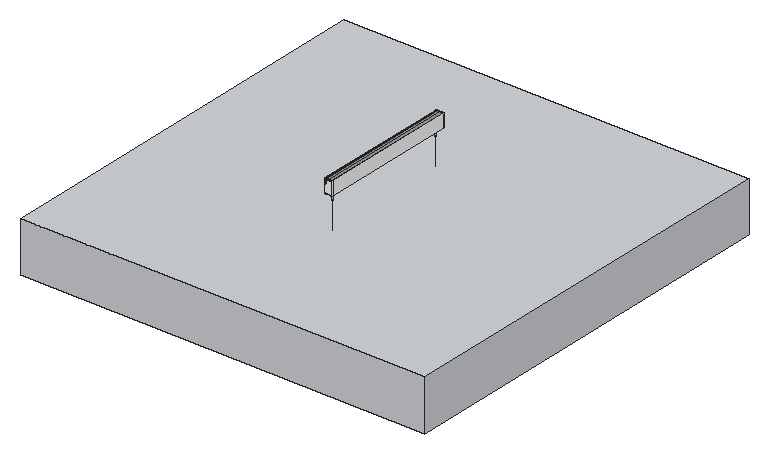
Revit family "LAMP_FIL 45 840MM OPAL SUSPENDED", category Luminarias, Revit 2018
Family settings
  Anfitrión = Cara
  Cota de conector redondo = Diámetro de uso
  Tipo de pieza = Normal
  Corte con vacíos al cargar = No
  Origen de luz = Sí
  Compartido = No
  Punto de cálculo de habitación = No
Parameters (values of type "1950LM 3000K  BLACK")
  Ángulo de inclinación = -90.00°
  Weight = 1.85 kg
  Wattage = 13.3 W
  Type = "MID POWER TRIDONIC"
  built-in parameter 1150107 = 3000 (stored number, unit not read)
  NOT COVER 2 [instance] = not(END COVER 2)  # no
  NOT COVER 1 [instance] = not(END COVER 1)  # no
  END COVER 2 [instance] = yes
  END COVER 1 [instance] = yes
  Suspension distance [instance] = if(Suspension > 4000 mm, 4000 mm, if(Suspension < 1 mm, 1 mm, Suspension))  # 200 mm
  Suspension [instance] = 200 mm
  built-in parameter 1150110 = 1 (stored number, unit not read)
  built-in parameter 1150109 = 1 (stored number, unit not read)
  built-in parameter 1150112 = 1 (stored number, unit not read)
  built-in parameter 1150113 = 1 (stored number, unit not read)
  built-in parameter 1114218 = 1 (stored number, unit not read)
  Protection rating = "IP20 / IK07"
  Product datasheet = "http://www.lamp.es/product-files/TECH/F41SF084MOOP830NB-EN.pdf"
  Product code = "F41SF084MOOP830NB"
  Product URL = "https://www.lamp.es/en/family/fil-45_413951"
  Power Supply = "220-240V 50/60Hz"
  Power = 12 W
  Plum = 13.3 W
  Photobiological risk = ""
  built-in parameter 1150137 = (empty or 0)
  built-in parameter 1150132 = 2
  Modelo = Product code  # "F41SF084MOOP830NB"
  Model Explanation = ""
  Material suspension = LAMP_Acero genérico
  Material perfil = LAMP_Aluminio Perfil Fil NG
  Material difusor = LAMP_PC Difusor Opal Fil
  Manufacturer name = "LAMP"
  Manufacturer country = "Spain"
  Manufacturer URL = "http://www.lamp.es/en"
  MacAdam = "3"
  Longitud de línea de emisión = 840 mm
  Last update = "15/03/2021"
  Lamp = "MID-POWER LED"
  LED Lifetime = "70.000 L80 B10"
  built-in parameter 1150105 = 491.36 (stored number, unit not read)
  built-in parameter 1150102 = (empty or 0)
  Insulation class = "I"
  Installation instructions = "https://www.lamp.es/product-files/INS/1004580-C%20INSTR.%20FIL45.pdf"
  built-in parameter 1150106 = 4.9136 (stored number, unit not read)
  IEE = "A+"
  Gear = "Electronic"
  Lumens = 1291.7 lm
  Finish = "Matte black RAL 9011"
  Color Filter = 16777215
  built-in parameter 1114217 = 1 (stored number, unit not read)
  built-in parameter 1150139 = (empty or 0)
  Fabricante = Manufacturer name  # "LAMP"
  Default Elevation = 1219.2 mm
  built-in parameter 1150104 = 9.0227 (stored number, unit not read)
  Efficacy = 97.12 lm/W
  Dimensions = "840x45x80"
  Descripción = "FIL45 SUR 840 1950 WW OPAL BK."
  built-in parameter 1150115 = 1 (stored number, unit not read)
  built-in parameter 1150114 = 1 (stored number, unit not read)
  built-in parameter 1150138 = (empty or 0)
  built-in parameter 1150134 = 3
  Dimming Lamp Color Temperature Shift = (empty or 0)
  CRI = "80"
  Archivo de red fotométrica = "F41SF084MOOP830NB.IES"
  built-in parameter 1150133 = 10 (stored number, unit not read)
Types (24, lengths in mm): name | Weight | Wattage | built-in parameter 1150107 | Product datasheet | Product code | Power | Plum | Modelo | Material perfil | LED Lifetime | built-in parameter 1150105 | built-in parameter 1150106 | Lumens | Finish | built-in parameter 1150104 | Efficacy | Descripción | Archivo de red fotométrica
  1950LM 3000K DALI BLACK | 1.982 kg | 13.3 W | 3000 (stored number, unit not read) | "http://www.lamp.es/product-files/TECH/F41SF084MOOP830DB-EN.pdf" | "F41SF084MOOP830DB" | 12 W | 13.3 W | "F41SF084MOOP830DB" | LAMP_Aluminio Perfil Fil NG | "70.000 L80 B10" | 491.36 (stored number, unit not read) | 4.9136 (stored number, unit not read) | 1291.7 lm | "Matte black RAL 9011" | 9.0227 (stored number, unit not read) | 97.12 lm/W | "FIL45 SUR 840 1950 WW OPAL DALI BK." | "F41SF084MOOP830nB.IES"
  1950LM 3000K DALI GREY | 1.982 kg | 13.3 W | 3000 (stored number, unit not read) | "http://www.lamp.es/product-files/TECH/F41SF084MOOP830DG-EN.pdf" | "F41SF084MOOP830DG" | 12 W | 13.3 W | "F41SF084MOOP830DG" | LAMP_Aluminio Perfil Fil GR | "70.000 L80 B10" | 491.36 (stored number, unit not read) | 4.9136 (stored number, unit not read) | 1291.7 lm | "Gloss grey" | 9.0227 (stored number, unit not read) | 97.12 lm/W | "FIL45 SUR 840 1950 WW OPAL DALI GR." | "F41SF084MOOP830nG.IES"
  1950LM 3000K DALI WHITE | 1.982 kg | 13.3 W | 3000 (stored number, unit not read) | "http://www.lamp.es/product-files/TECH/F41SF084MOOP830DW-EN.pdf" | "F41SF084MOOP830DW" | 12 W | 13.3 W | "F41SF084MOOP830DW" | LAMP_Aluminio Perfil Fil BL | "70.000 L80 B10" | 491.36 (stored number, unit not read) | 4.9136 (stored number, unit not read) | 1291.7 lm | "Matte white RAL 9010" | 9.0227 (stored number, unit not read) | 97.12 lm/W | "FIL45 SUR 840 1950 WW OPAL DALI WH." | "F41SF084MOOP830nW.IES"
  1950LM 3000K  BLACK | 1.85 kg | 13.3 W | 3000 (stored number, unit not read) | "http://www.lamp.es/product-files/TECH/F41SF084MOOP830NB-EN.pdf" | "F41SF084MOOP830NB" | 12 W | 13.3 W | "F41SF084MOOP830NB" | LAMP_Aluminio Perfil Fil NG | "70.000 L80 B10" | 491.36 (stored number, unit not read) | 4.9136 (stored number, unit not read) | 1291.7 lm | "Matte black RAL 9011" | 9.0227 (stored number, unit not read) | 97.12 lm/W | "FIL45 SUR 840 1950 WW OPAL BK." | "F41SF084MOOP830NB.IES"
  1950LM 3000K  GREY | 1.85 kg | 13.3 W | 3000 (stored number, unit not read) | "http://www.lamp.es/product-files/TECH/F41SF084MOOP830NG-EN.pdf" | "F41SF084MOOP830NG" | 12 W | 13.3 W | "F41SF084MOOP830NG" | LAMP_Aluminio Perfil Fil GR | "70.000 L80 B10" | 491.76 (stored number, unit not read) | 4.9176 (stored number, unit not read) | 1292.76 lm | "Gloss grey" | 9.0302 (stored number, unit not read) | 97.12 lm/W | "FIL45 SUR 840 1950 WW OPAL GR." | "F41SF084MOOP830NG.IES"
  1950LM 3000K  WHITE | 1.85 kg | 13.3 W | 3000 (stored number, unit not read) | "http://www.lamp.es/product-files/TECH/F41SF084MOOP830NW-EN.pdf" | "F41SF084MOOP830NW" | 12 W | 13.3 W | "F41SF084MOOP830NW" | LAMP_Aluminio Perfil Fil BL | "70.000 L80 B10" | 491.36 (stored number, unit not read) | 4.9136 (stored number, unit not read) | 1291.7 lm | "Matte white RAL 9010" | 9.0227 (stored number, unit not read) | 97.12 lm/W | "FIL45 SUR 840 1950 WW OPAL WH." | "F41SF084MOOP830NW.IES"
  1950LM 4000K DALI BLACK | 1.982 kg | 13.3 W | 4000 (stored number, unit not read) | "http://www.lamp.es/product-files/TECH/F41SF084MOOP840DB-EN.pdf" | "F41SF084MOOP840DB" | 12 W | 13.3 W | "F41SF084MOOP840DB" | LAMP_Aluminio Perfil Fil NG | "70.000 L80 B10" | 515.09 (stored number, unit not read) | 5.1509 (stored number, unit not read) | 1354.07 lm | "Matte black RAL 9011" | 9.4585 (stored number, unit not read) | 101.81 lm/W | "FIL45 SUR 840 1950 NW OPAL DALI BK." | "F41SF084MOOP840nB.IES"
  1950LM 4000K DALI GREY | 1.982 kg | 13.3 W | 4000 (stored number, unit not read) | "http://www.lamp.es/product-files/TECH/F41SF084MOOP840DG-EN.pdf" | "F41SF084MOOP840DG" | 12 W | 13.3 W | "F41SF084MOOP840DG" | LAMP_Aluminio Perfil Fil GR | "70.000 L80 B10" | 515.09 (stored number, unit not read) | 5.1509 (stored number, unit not read) | 1354.07 lm | "Gloss grey" | 9.4585 (stored number, unit not read) | 101.81 lm/W | "FIL45 SUR 840 1950 NW OPAL DALI GR." | "F41SF084MOOP840nG.IES"
  1950LM 4000K DALI WHITE | 1.982 kg | 13.3 W | 4000 (stored number, unit not read) | "http://www.lamp.es/product-files/TECH/F41SF084MOOP840DW-EN.pdf" | "F41SF084MOOP840DW" | 12 W | 13.3 W | "F41SF084MOOP840DW" | LAMP_Aluminio Perfil Fil BL | "70.000 L80 B10" | 515.09 (stored number, unit not read) | 5.1509 (stored number, unit not read) | 1354.07 lm | "Matte white RAL 9010" | 9.4585 (stored number, unit not read) | 101.81 lm/W | "FIL45 SUR 840 1950 NW OPAL DALI WH." | "F41SF084MOOP840nW.IES"
  1950LM 4000K  BLACK | 1.85 kg | 13.3 W | 4000 (stored number, unit not read) | "http://www.lamp.es/product-files/TECH/F41SF084MOOP840NB-EN.pdf" | "F41SF084MOOP840NB" | 12 W | 13.3 W | "F41SF084MOOP840NB" | LAMP_Aluminio Perfil Fil NG | "70.000 L80 B10" | 515.09 (stored number, unit not read) | 5.1509 (stored number, unit not read) | 1354.07 lm | "Matte black RAL 9011" | 9.4585 (stored number, unit not read) | 101.81 lm/W | "FIL45 SUR 840 1950 NW OPAL BK." | "F41SF084MOOP840NB.IES"
  1950LM 4000K  GREY | 1.85 kg | 13.3 W | 4000 (stored number, unit not read) | "http://www.lamp.es/product-files/TECH/F41SF084MOOP840NG-EN.pdf" | "F41SF084MOOP840NG" | 12 W | 13.3 W | "F41SF084MOOP840NG" | LAMP_Aluminio Perfil Fil GR | "70.000 L80 B10" | 515.09 (stored number, unit not read) | 5.1509 (stored number, unit not read) | 1354.07 lm | "Gloss grey" | 9.4585 (stored number, unit not read) | 101.81 lm/W | "FIL45 SUR 840 1950 NW OPAL GR." | "F41SF084MOOP840NG.IES"
  1950LM 4000K  WHITE | 1.85 kg | 13.3 W | 4000 (stored number, unit not read) | "http://www.lamp.es/product-files/TECH/F41SF084MOOP840NW-EN.pdf" | "F41SF084MOOP840NW" | 12 W | 13.3 W | "F41SF084MOOP840NW" | LAMP_Aluminio Perfil Fil BL | "70.000 L80 B10" | 515.09 (stored number, unit not read) | 5.1509 (stored number, unit not read) | 1354.07 lm | "Matte white RAL 9010" | 9.4585 (stored number, unit not read) | 101.81 lm/W | "FIL45 SUR 840 1950 NW OPAL WH." | "F41SF084MOOP840NW.IES"
  4650LM 3000K DALI BLACK | 1.997 kg | 30.4 W | 3000 (stored number, unit not read) | "http://www.lamp.es/product-files/TECH/F41SF084HOOP830DB-EN.pdf" | "F41SF084HOOP830DB" | 27 W | 30.4 W | "F41SF084HOOP830DB" | LAMP_Aluminio Perfil Fil NG | "72.000 L80 B10" | 1053.3 (stored number, unit not read) | 10.533 (stored number, unit not read) | 2796.8 lm | "Matte black RAL 9011" | 8.5471 (stored number, unit not read) | 92 lm/W | "FIL45 SUR 840 4650 WW OPAL DALI BK." | "F41SF084HOOP830nB.IES"
  4650LM 3000K DALI GREY | 1.997 kg | 30.4 W | 3000 (stored number, unit not read) | "http://www.lamp.es/product-files/TECH/F41SF084HOOP830DG-EN.pdf" | "F41SF084HOOP830DG" | 27 W | 30.4 W | "F41SF084HOOP830DG" | LAMP_Aluminio Perfil Fil GR | "72.000 L80 B10" | 1053.3 (stored number, unit not read) | 10.533 (stored number, unit not read) | 2796.8 lm | "Gloss grey" | 8.5471 (stored number, unit not read) | 92 lm/W | "FIL45 SUR 840 4650 WW OPAL DALI GR." | "F41SF084HOOP830nG.IES"
  4650LM 3000K DALI WHITE | 1.997 kg | 30.4 W | 3000 (stored number, unit not read) | "http://www.lamp.es/product-files/TECH/F41SF084HOOP830DW-EN.pdf" | "F41SF084HOOP830DW" | 27 W | 30.4 W | "F41SF084HOOP830DW" | LAMP_Aluminio Perfil Fil BL | "72.000 L80 B10" | 1053.3 (stored number, unit not read) | 10.533 (stored number, unit not read) | 2796.8 lm | "Matte white RAL 9010" | 8.5471 (stored number, unit not read) | 92 lm/W | "FIL45 SUR 840 4650 WW OPAL DALI WH." | "F41SF084HOOP830nW.IES"
  4650LM 3000K  BLACK | 1.90 kg | 30.4 W | 3000 (stored number, unit not read) | "http://www.lamp.es/product-files/TECH/F41SF084HOOP830NB-EN.pdf" | "F41SF084HOOP830NB" | 27 W | 30.4 W | "F41SF084HOOP830NB" | LAMP_Aluminio Perfil Fil NG | "72.000 L80 B10" | 1053.3 (stored number, unit not read) | 10.533 (stored number, unit not read) | 2796.8 lm | "Matte black RAL 9011" | 8.5471 (stored number, unit not read) | 92 lm/W | "FIL45 SUR 840 4650 WW OPAL BK." | "F41SF084HOOP830NB.IES"
  4650LM 3000K  GREY | 1.90 kg | 30.4 W | 3000 (stored number, unit not read) | "http://www.lamp.es/product-files/TECH/F41SF084HOOP830NG-EN.pdf" | "F41SF084HOOP830NG" | 27 W | 30.4 W | "F41SF084HOOP830NG" | LAMP_Aluminio Perfil Fil GR | "72.000 L80 B10" | 1053.3 (stored number, unit not read) | 10.533 (stored number, unit not read) | 2796.8 lm | "Gloss grey" | 8.5471 (stored number, unit not read) | 92 lm/W | "FIL45 SUR 840 4650 WW OPAL GR." | "F41SF084HOOP830NG.IES"
  4650LM 3000K  WHITE | 1.90 kg | 9.2903 W | 3000 (stored number, unit not read) | "http://www.lamp.es/product-files/TECH/F41SF084HOOP830NW-EN.pdf" | "F41SF084HOOP830NW" | 27 W | 30.4 W | "F41SF084HOOP830NW" | LAMP_Aluminio Perfil Fil BL | "72.000 L80 B10" | 519.72 (stored number, unit not read) | 5.1972 (stored number, unit not read) | 1380 lm | "Matte white RAL 9010" | 13.8 (stored number, unit not read) | 92 lm/W | "FIL45 SUR 840 4650 WW OPAL WH." | "F41SF084HOOP830NW.IES"
  4650LM 4000K DALI BLACK | 1.997 kg | 30.4 W | 4000 (stored number, unit not read) | "http://www.lamp.es/product-files/TECH/F41SF084HOOP840DB-EN.pdf" | "F41SF084HOOP840DB" | 27 W | 30.4 W | "F41SF084HOOP840DB" | LAMP_Aluminio Perfil Fil NG | "72.000 L80 B10" | 1053.3 (stored number, unit not read) | 10.533 (stored number, unit not read) | 2796.8 lm | "Matte black RAL 9011" | 8.5471 (stored number, unit not read) | 92 lm/W | "FIL45 SUR 840 4650 NW OPAL DALI BK." | "F41SF084HOOP840nB.IES"
  4650LM 4000K DALI GREY | 1.997 kg | 30.4 W | 4000 (stored number, unit not read) | "http://www.lamp.es/product-files/TECH/F41SF084HOOP840DG-EN.pdf" | "F41SF084HOOP840DG" | 27 W | 30.4 W | "F41SF084HOOP840DG" | LAMP_Aluminio Perfil Fil GR | "72.000 L80 B10" | 1053.3 (stored number, unit not read) | 10.533 (stored number, unit not read) | 2796.8 lm | "Gloss grey" | 8.5471 (stored number, unit not read) | 92 lm/W | "FIL45 SUR 840 4650 NW OPAL DALI GR." | "F41SF084HOOP840nG.IES"
  4650LM 4000K DALI WHITE | 1.997 kg | 30.4 W | 4000 (stored number, unit not read) | "http://www.lamp.es/product-files/TECH/F41SF084HOOP840DW-EN.pdf" | "F41SF084HOOP840DW" | 27 W | 30.4 W | "F41SF084HOOP840DW" | LAMP_Aluminio Perfil Fil BL | "72.000 L80 B10" | 1053.3 (stored number, unit not read) | 10.533 (stored number, unit not read) | 2796.8 lm | "Matte white RAL 9010" | 8.5471 (stored number, unit not read) | 92 lm/W | "FIL45 SUR 840 4650 NW OPAL DALI WH." | "F41SF084HOOP840nW.IES"
  4650LM 4000K  BLACK | 1.90 kg | 30.4 W | 4000 (stored number, unit not read) | "http://www.lamp.es/product-files/TECH/F41SF084HOOP840NB-EN.pdf" | "F41SF084HOOP840NB" | 27 W | 30.4 W | "F41SF084HOOP840NB" | LAMP_Aluminio Perfil Fil NG | "72.000 L80 B10" | 1053.3 (stored number, unit not read) | 10.533 (stored number, unit not read) | 2796.8 lm | "Matte black RAL 9011" | 8.5471 (stored number, unit not read) | 92 lm/W | "FIL45 SUR 840 4650 NW OPAL BK." | "F41SF084HOOP840NB.IES"
  4650LM 4000K  GREY | 1.90 kg | 30.4 W | 4000 (stored number, unit not read) | "http://www.lamp.es/product-files/TECH/F41SF084HOOP840NG-EN.pdf" | "F41SF084HOOP840NG" | 27 W | 30.4 W | "F41SF084HOOP840NG" | LAMP_Aluminio Perfil Fil GR | "72.000 L80 B10" | 1053.3 (stored number, unit not read) | 10.533 (stored number, unit not read) | 2796.8 lm | "Gloss grey" | 8.5471 (stored number, unit not read) | 92 lm/W | "FIL45 SUR 840 4650 NW OPAL GR." | "F41SF084HOOP840NG.IES"
  4650LM 4000K  WHITE | 1.90 kg | 30.4 W | 4000 (stored number, unit not read) | "http://www.lamp.es/product-files/TECH/F41SF084HOOP840NW-EN.pdf" | "F41SF084HOOP840NW" | 27 W | 30.4 W | "F41SF084HOOP840NW" | LAMP_Aluminio Perfil Fil BL | "72.000 L80 B10" | 1053.3 (stored number, unit not read) | 10.533 (stored number, unit not read) | 2796.8 lm | "Matte white RAL 9010" | 8.5471 (stored number, unit not read) | 92 lm/W | "FIL45 SUR 840 4650 NW OPAL WH." | "F41SF084HOOP840NW.IES"
Reference planes
  plane 1 "Centro (Frontal/Posterior)": y = 0
  plane 2: z = 0
  plane 3 "Centro (Izquierda/Derecha)": x = 0
Forms (mm)
  Extrusion 1, solid
    sketch origin (0, 0, 0) x (1, 0, 0) y (0, 1, 0)
      loop
        line (-1219.2, 1219.2) -> (-1219.2, -1219.2) -> (1219.2, -1219.2) -> (1219.2, 1219.2) -> (-1219.2, 1219.2)
    from 0 to -304.8
  Extrusion 2, solid, material "LAMP_Aluminio Perfil Fil NG" <- "Material perfil"
    sketch origin (0, 0, 0) x (1, 0, 0) y (0, 0, 1)
      loop
        arc (22.5, 285.7) -> (21.5, 286.7) -> (20.5, 285.7) r 1
        line (20.5, 285.7) -> (20.5, 284.2) -> (17.8, 284.2) -> (17.8, 259) -> (0, 259) -> (-17.8, 259) -> (-17.8, 284.2) -> (-20.5, 284.2) -> (-20.5, 285.7)
        arc (-20.5, 285.7) -> (-21.5, 286.7) -> (-22.5, 285.7) r 1
        line (-22.5, 285.7) -> (-22.5, 206.5) -> (-20.7, 206.5) -> (-20.7, 210) -> (-12.5, 210) -> (-12.5, 208) -> (-14.8, 208) -> (-14.5, 206.5) -> (-11, 206.5) -> (-11, 214.5) -> (0, 214.5) -> (11, 214.5) -> (11, 206.5) -> (14.5, 206.5) -> (14.8, 208) -> (12.5, 208) -> (12.5, 210) -> (20.7, 210) -> (20.7, 206.5) -> (22.5, 206.5) -> (22.5, 285.7)
    from -420 to 420
  Extrusion 3, solid, material "LAMP_Acero genérico" <- "Material suspension"
    sketch origin (0, 0, 0) x (1, 0, 0) y (0, 0, 1)
      loop
        line (-12.5, 201) -> (-15.291, 208.272) -> (-12.823, 210) -> (-13.823, 210) -> (-16.291, 208.272) -> (-13.116, 200) -> (0, 200) -> (13.116, 200) -> (16.291, 208.272) -> (13.823, 210) -> (12.823, 210) -> (15.291, 208.272) -> (12.5, 201) -> (0, 201) -> (-12.5, 201)
    from -400 to -378
  Extrusion 4, solid, material "LAMP_Acero genérico" <- "Material suspension"
    sketch origin (0, -24, 0) x (1, 0, 0) y (0, 1, 0)
      loop
        circle (0, -365) r 5
    from 163.2 to 200
  Extrusion 5, solid, material "LAMP_Acero genérico" <- "Material suspension"
    sketch origin (0, 24, 0) x (1, 0, 0) y (0, 1, 0)
      loop
        circle (0, 365) r 5
    from 163.2 to 200
  Extrusion 6, solid, material "LAMP_Acero genérico" <- "Material suspension"
    sketch origin (0, 0, 0) x (1, 0, 0) y (0, 1, 0)
      loop
        circle (0, -389) r 1
    from 0 to 163.2
  Extrusion 7, solid, material "LAMP_Acero genérico" <- "Material suspension"
    sketch origin (0, 0, 0) x (1, 0, 0) y (0, 1, 0)
      loop
        circle (0, 389) r 1
    from 0 to 163.2
  Extrusion 8, solid, material "LAMP_PC Difusor Opal Fil" <- "Material difusor"
    sketch origin (0, 0, 0) x (1, 0, 0) y (0, 0, 1)
      loop
        line (-20.5, 284.2) -> (0, 284.2) -> (20.5, 284.2) -> (20.5, 286.7) -> (0, 286.7) -> (-20.5, 286.7) -> (-20.5, 284.2)
    from 420 to -420
  Extrusion 9, solid, material "LAMP_Acero genérico" <- "Material suspension"
    sketch origin (0, 0, 0) x (1, 0, 0) y (0, 0, -1)
      loop
        line (-12.5, -201) -> (0, -201) -> (12.5, -201) -> (15.291, -208.272) -> (12.823, -210) -> (13.823, -210) -> (16.291, -208.272) -> (13.116, -200) -> (0, -200) -> (-13.116, -200) -> (-16.291, -208.272) -> (-13.823, -210) -> (-12.823, -210) -> (-15.291, -208.272) -> (-12.5, -201)
    from -400 to -378
  Extrusion 10, solid, material "LAMP_PC Difusor Opal Fil" <- "Material difusor"
    sketch origin (0, 0, 0) x (1, 0, 0) y (0, 0, 1)
      loop
        line (-11, 214.5) -> (-11, 206.5) -> (-7.529, 206.5) -> (11, 206.5) -> (11, 214.5) -> (10, 214.5) -> (10, 207.5) -> (-10, 207.5) -> (-10, 214.5) -> (-11, 214.5)
    from 420 to -420
Lines and regions (mm)
  reference lines
    curve 1: line (0, -445.47, 200) -> (0, 544.53, 200)
Text (mm)
  text "Any modification of the parameters and properties of the LAMP BIM models must be executed and validated by the LAMP technical department.\nPhone: +34 93 736 68 00\nE-mail: lamp@lamp.es\n\nLAMP reserves the right to modify the technical specifications of its products." at (3279.264, 5298.162, -2684.539), in view "Preview"
Dimensions and locks
  "Suspension distance": level to curve 1
  locked: Extrusion 4 to Extrusion 4 at 36.8
  locked: Extrusion 5 to Extrusion 5 at 36.8
  aligned and locked: plane 2 to Extrusion 1
  aligned and locked: level to Extrusion 1
  aligned and locked: Extrusion 8 to Extrusion 2  (x2)
  aligned and locked: curve 1 to Extrusion 9
  aligned and locked: curve 1 to Extrusion 3
  aligned and locked: Extrusion 4 to curve 1
  aligned and locked: Extrusion 5 to curve 1
  aligned and locked: Extrusion 6 to Extrusion 4
  aligned and locked: Extrusion 7 to Extrusion 5
  aligned and locked: Extrusion 2 to Extrusion 9  (x2)
  aligned and locked: imposter light to Extrusion 8
  aligned and locked: Extrusion 10 to Extrusion 2
  aligned and locked: nested 1 to Extrusion 2  (x2)
  aligned and locked: nested 2 to Extrusion 2
Automatic sketch dimensions
  Extrusion 1 sketch curve to Extrusion 1 sketch curve = 2438.4 mm  (x2)
  Extrusion 3 sketch curve to plane 3 "Centro (Izquierda/Derecha)" = 0 mm  (x2)
  Extrusion 3 sketch curve to Extrusion 3 sketch curve = 12.5 mm
  Extrusion 3 sketch curve to Extrusion 3 sketch curve = 0.323 mm  (x2)
  Extrusion 3 sketch curve to Extrusion 3 sketch curve = 0.616 mm  (x2)
  Extrusion 3 sketch curve to Extrusion 3 sketch curve = 1 mm  (x5)
  Extrusion 3 sketch curve to Extrusion 3 sketch curve = 1.468 mm  (x2)
  plane 3 "Centro (Izquierda/Derecha)" to Extrusion 3 sketch curve = 12.5 mm
  level to Extrusion 3 sketch curve = 200 mm
  Extrusion 3 sketch curve to Extrusion 3 sketch curve = 7.272 mm  (x2)
  Extrusion 3 sketch curve to Extrusion 3 sketch curve = 0 mm  (x2)
  Extrusion 3 sketch curve to Extrusion 3 sketch curve = 1.728 mm  (x2)
  Extrusion 4 sketch curve to plane 3 "Centro (Izquierda/Derecha)" = 0 mm
  plane 1 "Centro (Frontal/Posterior)" to Extrusion 4 sketch curve = 389 mm
  Extrusion 5 sketch curve to plane 3 "Centro (Izquierda/Derecha)" = 0 mm
  plane 1 "Centro (Frontal/Posterior)" to Extrusion 5 sketch curve = 389 mm
  Extrusion 6 sketch curve to plane 3 "Centro (Izquierda/Derecha)" = 0 mm
  plane 1 "Centro (Frontal/Posterior)" to Extrusion 6 sketch curve = 389 mm
  Extrusion 7 sketch curve to plane 3 "Centro (Izquierda/Derecha)" = 0 mm
  plane 1 "Centro (Frontal/Posterior)" to Extrusion 7 sketch curve = 389 mm
  Extrusion 2 sketch curve to plane 3 "Centro (Izquierda/Derecha)" = 0 mm  (x2)
  Extrusion 2 sketch curve to plane 3 "Centro (Izquierda/Derecha)" = 11 mm
  Extrusion 2 sketch curve to Extrusion 2 sketch curve = 1.5 mm  (x6)
  Extrusion 2 sketch curve to Extrusion 2 sketch curve = 2 mm  (x2)
  Extrusion 2 sketch curve to Extrusion 2 sketch curve = 0.3 mm  (x2)
  Extrusion 2 sketch curve to Extrusion 2 sketch curve = 17.8 mm
  Extrusion 2 sketch curve to Extrusion 2 sketch curve = 2.7 mm  (x2)
  Extrusion 2 sketch curve to Extrusion 2 sketch curve = 5.9 mm  (x2)
  Extrusion 2 sketch curve to Extrusion 2 sketch curve = 1 mm  (x2)
  plane 3 "Centro (Izquierda/Derecha)" to Extrusion 2 sketch curve = 11 mm
  plane 3 "Centro (Izquierda/Derecha)" to Extrusion 2 sketch curve = 17.8 mm
  level to Extrusion 2 sketch curve = 206.5 mm
  Extrusion 2 sketch curve to Extrusion 2 sketch curve = 0 mm  (x3)
  Extrusion 2 sketch curve to Extrusion 2 sketch curve = 3.5 mm  (x2)
  Extrusion 2 sketch curve to Extrusion 2 sketch curve = 4.5 mm
  Extrusion 2 sketch curve to Extrusion 2 sketch curve = 44.5 mm
  Extrusion 2 sketch curve to Extrusion 2 sketch curve = 25.2 mm  (x2)
  Extrusion 8 sketch curve to plane 3 "Centro (Izquierda/Derecha)" = 0 mm  (x2)
  Extrusion 8 sketch curve to Extrusion 8 sketch curve = 20.5 mm
  plane 3 "Centro (Izquierda/Derecha)" to Extrusion 8 sketch curve = 20.5 mm
  level to Extrusion 8 sketch curve = 284.2 mm
  Extrusion 8 sketch curve to Extrusion 8 sketch curve = 2.5 mm
  Extrusion 9 sketch curve to plane 3 "Centro (Izquierda/Derecha)" = 0 mm  (x2)
  Extrusion 9 sketch curve to Extrusion 9 sketch curve = 12.5 mm
  Extrusion 9 sketch curve to Extrusion 9 sketch curve = 0.323 mm  (x2)
  Extrusion 9 sketch curve to Extrusion 9 sketch curve = 0.616 mm  (x2)
  Extrusion 9 sketch curve to Extrusion 9 sketch curve = 1 mm  (x5)
  Extrusion 9 sketch curve to Extrusion 9 sketch curve = 1.468 mm  (x2)
  plane 3 "Centro (Izquierda/Derecha)" to Extrusion 9 sketch curve = 12.5 mm
  level to Extrusion 9 sketch curve = 210 mm
  Extrusion 9 sketch curve to Extrusion 9 sketch curve = 0 mm  (x3)
  Extrusion 9 sketch curve to Extrusion 9 sketch curve = 1.728 mm  (x2)
  Extrusion 9 sketch curve to Extrusion 9 sketch curve = 7.272 mm
  Extrusion 10 sketch curve to plane 3 "Centro (Izquierda/Derecha)" = 11 mm
  Extrusion 10 sketch curve to Extrusion 10 sketch curve = 1 mm  (x3)
  Extrusion 10 sketch curve to Extrusion 10 sketch curve = 2.471 mm
  plane 3 "Centro (Izquierda/Derecha)" to Extrusion 10 sketch curve = 10 mm
  level to Extrusion 10 sketch curve = 206.5 mm
  Extrusion 10 sketch curve to Extrusion 10 sketch curve = 7 mm  (x2)
  plane 1 "Centro (Frontal/Posterior)" to curve 1 = 445.47 mm
  curve 1 to plane 1 "Centro (Frontal/Posterior)" = 544.53 mm
  radius of Extrusion 4 sketch curve = 5 mm
  radius of Extrusion 5 sketch curve = 5 mm
  radius of Extrusion 6 sketch curve = 1 mm
  radius of Extrusion 7 sketch curve = 1 mm
Nested families
  nested 1: "LAMP_FIL 45 END COVER SURFACE" at (0, -421, 206.5), visible <- "END COVER 1", type "LAMP_FIL 45 END COVER SURFACE"
  nested 2: "LAMP_FIL 45 END COVER SURFACE" at (0, 421, 206.5), visible <- "END COVER 2", type "LAMP_FIL 45 END COVER SURFACE"
Connectors
  electrical at (0, 389, 200)
    settings: on Extrusion 5, index 1, voltage 230 V, apparent load 0 VA, apparent load phase1 0 VA, apparent load phase2 0 VA, apparent load phase3 0 VA, power factor 1, load classification "Otro", number of poles 1, system type 31, power factor state 1, is connector primary yes, connector utility no, sub classification motor no, connector description ""
Definition of nested family "LAMP_FIL 45 END COVER SURFACE"
  Parameters (values of type "Blanco")
    Material tapa = none
  Reference planes
    plane 1 "Centro (Frontal/Posterior)": y = 0
    plane 2: z = 0
    plane 3 "Centro (Izquierda/Derecha)": x = 0
  Forms (mm)
    Extrusion 1, solid, material <- "Material tapa"
      sketch origin (0, 0, 0) x (0, -1, 0) y (0, 0, 1)
        loop
          line (0, 0) -> (1, 0) -> (1, 80) -> (-1, 80) -> (-1, 0) -> (0, 0)
      from -22.5 to 22.5
  Dimensions and locks
    aligned and locked: level to plane 2
